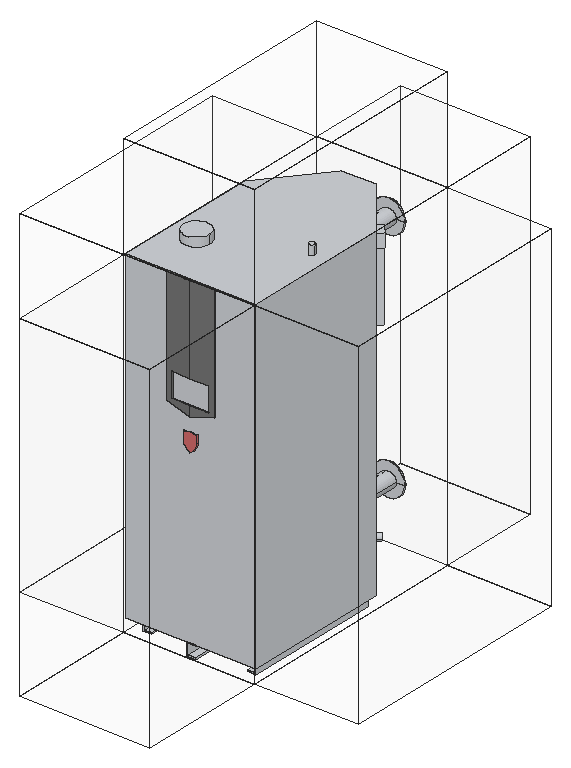
Revit family "Crest Boiler-Hellcat FCB1000-6000", category Mechanical Equipment, Revit 2017
Family settings
  Round Connector Dimension = Use Radius
  Part Type = Normal
  OmniClass Number = 23.65.35.11.17
  OmniClass Title = Thermodynamic Water Heaters
  Work Plane-Based = No
  Always vertical = Yes
  Cut with Voids When Loaded = No
  Shared = No
  Room Calculation Point = No
Parameters (values of type "FCB1000")
  WATER CONN SIZE = Water Conn Radius * 2  # 3"
  G_Boiler Drain Height = 11 3/8"
  F_Water Inlet Height = 11 7/8"
  E_Water Outlet Height = 66 1/8"
  Water Conn Radius = 1 1/2"
  VENT SIZE = Vent Radius * 2  # 6"
  SES BIM Studio # = "21 0649 01"
  GAS CONN SIZE = Gas Conn Radius * 2  # 1 1/4"
  N_Air Inlet Offset = 6 1/2"
  Vent Radius = 3"
  R_ Vent Offset = 6 1/2"
  Top Clearance = 24"
  Right Clearance = 24"
  Left Clearance = 24"
  Front Clearance = 30"
  Curve Position = 6"
  Clearance Visibility [instance] = yes
  C_Depth to Condensate End = 56"
  Back of Unit to CL of Vent = 1"
  B_WIDTH = 30"
  Voltage/Heater = "120V/1PH/60Hz"
  Voltage/Control = "24"
  URL = "http://www.lochinvar.com/products/default.aspx?type=productline&lineid=177"
  Total Amps (FLA) = "6.0"
  Model = MODEL NO.  # "FCB1000"
  Manufacturer = "Lochinvar"
  MODEL NO. = "FCB1000"
  A_HEIGHT = 78"
  Gas Conn Radius = 5/8"
  O_Width to Gas = 26"
  L_Depth to Vent = 51 3/4"
  P_Gas Conn Offset = 21 1/2"
  GALLON CAPACITY = "77"
  K_DEPTH = 55 1/2"
  D_Water Outlet Offset = 57 1/2"
  INPUT RATE (BTUH) = "999,000"
  FUEL TYPE = "NATURAL GAS"
  Description = "CREST Condensing Boiler with Hellcat Combustion Technology"
  Fuel Type = "Natural"
  M_Air Inlet Offset = 12 3/4"
  Air Inlet Radius = 3"
  Back Clearance = 24"
  AIR INLET SIZE = Air Inlet Radius * 2  # 6"
  # of Electrical Connections = "1"
Types (9): name | WATER CONN SIZE | G_Boiler Drain Height | F_Water Inlet Height | E_Water Outlet Height | Water Conn Radius | VENT SIZE | GAS CONN SIZE | N_Air Inlet Offset | Vent Radius | R_ Vent Offset | Curve Position | C_Depth to Condensate End | Back of Unit to CL of Vent | B_WIDTH | Voltage/Heater | Total Amps (FLA) | Model | MODEL NO. | A_HEIGHT | Gas Conn Radius | O_Width to Gas | L_Depth to Vent | P_Gas Conn Offset | GALLON CAPACITY | K_DEPTH | D_Water Outlet Offset | INPUT RATE (BTUH) | M_Air Inlet Offset | Air Inlet Radius | AIR INLET SIZE
  (no name) | 3" | 11 3/8" | 11 7/8" | 66 1/8" | 1 1/2" | 6" | 1 1/4" | 6 1/2" | 3" | 6 1/2" | 6" | 56" | 1" | 30" | "120V/1PH/60Hz" | "6.0" | "FCB1000" | "FCB1000" | 78" | 5/8" | 26" | 51 3/4" | 21 1/2" | "77" | 55 1/2" | 57 1/2" | "999,000" | 12 3/4" | 3" | 6"
  FCB1000 | 3" | 11 3/8" | 11 7/8" | 66 1/8" | 1 1/2" | 6" | 1 1/4" | 6 1/2" | 3" | 6 1/2" | 6" | 56" | 1" | 30" | "120V/1PH/60Hz" | "6.0" | "FCB1000" | "FCB1000" | 78" | 5/8" | 26" | 51 3/4" | 21 1/2" | "77" | 55 1/2" | 57 1/2" | "999,000" | 12 3/4" | 3" | 6"
  FCB1500 | 4" | 11 3/8" | 12 3/8" | 65 3/8" | 2" | 8" | 1 1/2" | 7 1/2" | 4" | 5 1/8" | 6" | 63 3/4" | 1" | 30" | "120V/1PH/60Hz" | "10.0" | "FCB1500" | "FCB1500" | 78" | 3/4" | 25 3/4" | 58 1/4" | 23 1/4" | "94" | 63 1/4" | 64" | "1,500,000" | 13 1/4" | 4" | 8"
  FCB2000 | 4" | 11 3/8" | 12 3/8" | 65 3/8" | 2" | 8" | 1 1/2" | 7 1/2" | 4" | 5 1/8" | 6" | 62 1/2" | 1" | 30" | "120V/1PH/60Hz" | "13.0" | "FCB2000" | "FCB2000" | 78" | 3/4" | 26" | 57 1/4" | 21 1/2" | "111" | 62 1/4" | 64 1/4" | "1,999,000" | 12" | 4" | 8"
  FCB2500 | 4" | 11 1/4" | 13 1/2" | 63 3/4" | 2" | 9" | 2" | 9 1/4" | 4 1/2" | 7 1/4" | 7 1/4" | 79 1/4" | 1" | 35" | "208V/3PH/60Hz" | "4.5" | "FCB2500" | "FCB2500" | 77 3/4" | 1" | 30 1/4" | 71 3/4" | 28" | "157" | 79" | 79 1/4" | "2,500,000" | 17 1/4" | 4" | 8"
  FCB3000 | 4" | 11 1/4" | 13 1/2" | 63 3/4" | 2" | 10" | 2" | 9 1/4" | 5" | 7 1/4" | 7 1/4" | 79 1/4" | 2" | 35" | "208V/3PH/60Hz" | "6.5" | "FCB3000" | "FCB3000" | 77 3/4" | 1" | 30 1/4" | 71 3/4" | 28" | "156" | 79" | 79 1/4" | "3,000,000" | 17 1/4" | 5" | 10"
  FCB4000 | 4" | 11 1/2" | 13 3/4" | 63 1/2" | 2" | 12" | 2 1/2" | 11 1/4" | 6" | 10 1/2" | 9 5/16" | 95 1/4" | 3" | 43 1/4" | "480V/3PH/60Hz" | "6.0" | "FCB4000" | "FCB4000" | 78" | 1 1/4" | 36 1/2" | 85 3/4" | 35" | "201" | 94 3/4" | 90 3/4" | "3,999,000" | 19" | 6" | 12"
  FCB5000 | 6" | 11 1/2" | 15" | 63 1/2" | 3" | 14" | 2 1/2" | 13" | 7" | 9" | 10 1/8" | 96 1/2" | 3" | 46 1/2" | "480V/3PH/60Hz" | "5.0" | "FCB5000" | "FCB5000" | 78" | 1 1/4" | 39 3/4" | 87" | 34" | "254" | 96 1/4" | 94" | "4,999,000" | 18 3/4" | 7" | 14"
  FCB6000 | 6" | 11 1/2" | 14 3/4" | 63 1/4" | 3" | 14" | 3" | 14 3/4" | 7" | 9 1/4" | 11" | 102 3/4" | 1" | 50" | "480V/3PH/60Hz" | "7.0" | "FCB6000" | "FCB6000" | 78" | 1 1/2" | 43 1/4" | 87 1/2" | 29 3/4" | "304" | 96 1/2" | 99 3/4" | "6,000,000" | 16 1/2" | 7" | 14"
Reference planes (in)
  plane 1 "Center (Front/Back)": y = 11.125
  plane 2: z = 0
  plane 3 "Center (Left/Right)": x = -1.39218
  plane 4 "Back": y = 38.875
  plane 5 "Front": y = -16.625
  plane 6 "Top": z = 78
  plane 7 "Right": x = 13.60782
  plane 8 "Left": x = -16.39218
  plane 9 "Top of Supports": z = 3
  plane 10 "Offset from Back to Boiler Back": y = 31.875
  plane 11 "Water Outlet Height": z = 66.125
  plane 12 "Water Inlet Height": z = 11.875
  plane 13 "Offset from Left to Air Inlet": x = -9.89218
  plane 14 "Offset from Front to Air": y = -3.875
  plane 15 "Offset from Left to Gas 1": x = 9.60782
  plane 16 "Offset from Front to Gas 1": y = 4.875
  plane 17 "Right Clearance": x = 37.60782
  plane 18 "Left Clearance": x = -40.39218
  plane 19: z = 102
  plane 20 "Front Clearance": y = -46.625
  plane 21 "Back Clearance": y = 62.875
  plane 22 "Drain": z = 11.375
  plane 23 "Unit Flat Front": y = -16.125
  plane 24 "Water Conn": y = 40.875
  plane 25 "Front of Supports": y = -13.625
  plane 26: x = -14.39218
  plane 27: x = 11.60782
  plane 28 "Front Angle": y = 18.375
  plane 29 "Back Angle 1": x = -5.39218
  plane 30 "Back Angle 2": x = 2.60782
  plane 31 "Vent C.L.": x = -9.89218
  plane 32 "Vent CL": y = 35.125
  plane 33 "Curve End": x = -4.39218
  plane 34 "Curve Ends": y = 32.875
  plane 35: y = -16.375
  plane 36 "Condensate End": y = 39.375
Forms (in)
  Extrusion 1, solid
    sketch origin (-38.1296, -180, 3) x (-1, 0, 0) y (0, -1, 0)
      loop
        line (-21.73742, -163.875) -> (-51.73742, -163.875) -> (-51.73742, -198.375) -> (-40.73742, -211.875) -> (-32.73742, -211.875) -> (-21.73742, -198.375) -> (-21.73742, -163.875)
    from 75 to 0
  Extrusion 2, solid
    sketch origin (-38.1296, -196.80397, 3) x (-1, 0, 0) y (0, -1, 0)
      loop
        line (-21.73742, -215.17897) -> (-32.73742, -228.67897) -> (-33.73742, -228.67897) -> (-33.73742, -229.67897)
        arc (-33.73742, -229.67897) -> (-27.73742, -235.67897) -> (-21.73742, -229.67897) r 6
        line (-21.73742, -229.67897) -> (-21.73742, -215.17897)
    from 0 to 4
  Extrusion 3, solid
    sketch origin (-38.1296, -196.80397, 7) x (-1, 0, 0) y (0, -1, 0)
      loop
        circle (-28.23742, -231.92897) r 3
    from 0 to 2
  Extrusion 4, solid
    sketch origin (1.25, 35.125, 0) x (1, 0, 0) y (0, 0, 1)
      loop
        circle (-11.14218, 3.53632) r 0.5
      loop
        circle (-11.14218, 6.32419) r 0.25
    from 0 to -4.25
  Extrusion 5, solid
    sketch origin (0, 0, 78) x (-1, 0, 0) y (0, -1, 0)
      loop
        circle (9.89218, 3.875) r 3
    from 0 to 2
  Extrusion 6, solid
    sketch origin (0, 0, 78) x (-1, 0, 0) y (0, -1, 0)
      loop
        circle (-9.60782, -4.875) r 0.625
    from 0 to 2
  Extrusion 7, solid, material "Clearance", visible <- "Clearance Visibility"
    sketch origin (0, 0, 78) x (-1, 0, 0) y (0, -1, 0)
      loop
        line (16.39218, 16.625) -> (16.39218, -38.875) -> (40.39218, -38.875) -> (40.39218, 16.625) -> (16.39218, 16.625)
    from 0 to -78
  Extrusion 8, solid, material "Clearance", visible <- "Clearance Visibility"
    sketch origin (0, 0, 78) x (-1, 0, 0) y (0, -1, 0)
      loop
        line (-13.60782, 16.625) -> (-37.60782, 16.625) -> (-37.60782, -38.875) -> (-13.60782, -38.875) -> (-13.60782, 16.625)
    from 0 to -78
  Extrusion 9, solid, material "Clearance", visible <- "Clearance Visibility"
    sketch origin (0, 0, 78) x (-1, 0, 0) y (0, -1, 0)
      loop
        line (16.39218, -38.875) -> (-13.60782, -38.875) -> (-13.60782, -62.875) -> (16.39218, -62.875) -> (16.39218, -38.875)
    from 0 to -78
  Extrusion 10, solid, material "Clearance", visible <- "Clearance Visibility"
    sketch origin (0, 0, 78) x (-1, 0, 0) y (0, -1, 0)
      loop
        line (16.39218, -38.875) -> (16.39218, 16.625) -> (-13.60782, 16.625) -> (-13.60782, -38.875) -> (16.39218, -38.875)
    from 0 to 24
  Extrusion 11, solid, material "Clearance", visible <- "Clearance Visibility"
    sketch origin (0, 0, 78) x (-1, 0, 0) y (0, -1, 0)
      loop
        line (16.39218, 16.625) -> (16.39218, 46.625) -> (-13.60782, 46.625) -> (-13.60782, 16.625) -> (16.39218, 16.625)
    from 0 to -78
  Revolve 12, solid
    sketch origin (26.40384, 0, 66.125) x (1, 0, 0) y (0, 1, 0)
      loop
        line (-29.29602, 31.875) -> (-29.29602, 40.875) -> (-31.54602, 40.875) -> (-31.54602, 40.625) -> (-29.54602, 40.625) -> (-29.54602, 31.875) -> (-29.29602, 31.875)
      axis (-27.79602, 31.875) -> (-27.79602, 40.875)
    angle from 0 to 360
  Revolve 13, solid
    sketch origin (54.08128, 0, 11.875) x (1, 0, 0) y (0, 1, 0)
      loop
        line (-56.97346, 31.875) -> (-56.97346, 40.875) -> (-59.22346, 40.875) -> (-59.22346, 40.625) -> (-57.22346, 40.625) -> (-57.22346, 31.875) -> (-56.97346, 31.875)
      axis (-55.47346, 31.875) -> (-55.47346, 40.875)
    angle from 0 to 360
  Extrusion 14, solid
    sketch origin (0.125, -13.125, 0) x (1, 0, 0) y (0, 0, 1)
      loop
        line (11.48282, 3) -> (9.48282, 3) -> (9.48282, 2.75) -> (11.23282, 2.75) -> (11.23282, 0.25) -> (9.48282, 0.25) -> (9.48282, 0) -> (11.48282, 0) -> (11.48282, 3)
    from 0.5 to -31.5
  Extrusion 15, solid
    sketch origin (-2.90936, -13.125, 0) x (-1, 0, 0) y (0, 0, -1)
      loop
        line (11.48282, -3) -> (11.48282, 0) -> (9.48282, 0) -> (9.48282, -0.25) -> (11.23282, -0.25) -> (11.23282, -2.75) -> (9.48282, -2.75) -> (9.48282, -3) -> (11.48282, -3)
    from 0.5 to -31.5
  Extrusion 16, solid
    sketch origin (11.21564, -13.125, 0) x (-1, 0, 0) y (0, 0, -1)
      loop
        line (13.60782, -3) -> (13.60782, 0) -> (11.60782, 0) -> (11.60782, -0.25) -> (13.35782, -0.25) -> (13.35782, -2.75) -> (11.60782, -2.75) -> (11.60782, -3) -> (13.60782, -3)
    from 3 to -45
  Extrusion 17, solid
    sketch origin (3.31845, 31.00286, 3) x (0.631673, -0.775235, 0) y (0, 0, -1)
      loop
        line (13.39851, -73) -> (13.39851, -70) -> (10.39851, -70) -> (10.39851, -73) -> (13.39851, -73)
      loop
        line (7.39851, -66.75) -> (7.39851, -50.75) -> (1.39851, -50.75) -> (1.39851, -66.75) -> (7.39851, -66.75)
    from 0 to 1.5
  Extrusion 18, solid
    sketch origin (2.60782, 31.875, 3) x (0.631673, -0.775235, 0) y (0, 0, -1)
      loop
        circle (10.89888, -8.375) r 0.75
    from 0 to 1
  Extrusion 19, solid, material "Default Dark"
    sketch origin (-16.39218, -16.125, 3) x (1, 0, 0) y (0, 0, 1)
      loop
        line (9.5, 75) -> (9.5, 48.3713) -> (15, 47) -> (20.5, 48.3713) -> (20.5, 75) -> (9.5, 75)
      loop
        line (10.75, 54.66537) -> (10.75, 49.16537) -> (19.25, 49.16537) -> (19.25, 54.66537) -> (10.75, 54.66537)
    from 0 to 0.5
  Extrusion 20, solid, material "Default Red"
    sketch origin (-16.39218, -16.125, 3) x (1, 0, 0) y (0, 0, 1)
      loop
        line (13.41807, 43.42533) -> (13.41807, 41.81237)
        arc (13.41807, 41.81237) -> (13.87471, 40.39478) -> (15, 39.41919) r 2.7673
        arc (15, 39.41919) -> (16.13761, 40.41359) -> (16.58333, 41.8573) r 2.7673
        line (16.58333, 41.8573) -> (16.58333, 43.42557) -> (15, 43.625) -> (13.41807, 43.42533)
    from 0 to 0.25
  Extrusion 21, void
    sketch origin (0, 0, 78) x (-1, 0, 0) y (0, -1, 0)
      loop
        line (6.89218, 16.25) -> (6.89218, 16.625) -> (1.39218, 16.625) -> (6.89218, 16.25)
    from 0 to -28
  Extrusion 22, void
    sketch origin (0, 0, 78) x (-1, 0, 0) y (0, -1, 0)
      loop
        line (1.39218, 16.625) -> (-4.10782, 16.625) -> (-4.10782, 16.25) -> (1.39218, 16.625)
    from 0 to -28
Cuts and joins
  joined: Extrusion 1, Revolve 12, Revolve 13
  joined: Extrusion 2, Extrusion 4
  Extrusion 21, Extrusion 22 cuts Extrusion 19
Dimensions and locks (in)
  "A_HEIGHT": plane 6 "Top" to level
  equal spacing: plane 8 "Left", plane 3 "Center (Left/Right)", plane 7 "Right"
  "B_WIDTH": plane 8 "Left" to plane 7 "Right"
  equal spacing: plane 5 "Front", plane 1 "Center (Front/Back)", plane 4 "Back"
  equal spacing: Extrusion 1 sketch curve, plane 3 "Center (Left/Right)", Extrusion 1 sketch curve
  Extrusion 1 sketch curve to Extrusion 1 sketch curve = 8"
  locked: Extrusion 3 to Extrusion 2 at 2
  "E_Water Outlet Height": level to plane 11 "Water Outlet Height"
  "F_Water Inlet Height": level to plane 12 "Water Inlet Height"
  "N_Air Inlet Offset": plane 8 "Left" to plane 13 "Offset from Left to Air Inlet"
  "O_Width to Gas": plane 8 "Left" to plane 15 "Offset from Left to Gas 1"
  "P_Gas Conn Offset": plane 5 "Front" to plane 16 "Offset from Front to Gas 1"
  "M_Air Inlet Offset": plane 5 "Front" to plane 14 "Offset from Front to Air"
  "Top Clearance": plane 6 "Top" to plane 19
  "Front Clearance": plane 20 "Front Clearance" to plane 5 "Front"
  "Left Clearance": plane 18 "Left Clearance" to plane 8 "Left"
  "Right Clearance": plane 7 "Right" to plane 17 "Right Clearance"
  "K_DEPTH": plane 5 "Front" to plane 4 "Back"
  "Back Clearance": plane 4 "Back" to plane 21 "Back Clearance"
  locked: Revolve 12 sketch curve to Revolve 12 sketch curve at 0.25  (x2)
  "Water Conn Radius": Revolve 12 sketch curve to Revolve 12 sketch curve
  locked: Revolve 12 sketch curve to Revolve 12 sketch curve at 2
  locked: Revolve 13 sketch curve to Revolve 13 sketch curve at 0.25  (x2)
  "Water Conn Radius": Revolve 13 sketch curve to Revolve 13 sketch curve
  locked: Revolve 13 sketch curve to Revolve 13 sketch curve at 2
  locked: plane 5 "Front" to plane 23 "Unit Flat Front" at 0.5
  "D_Water Outlet Offset": plane 5 "Front" to plane 24 "Water Conn"
  locked: plane 5 "Front" to plane 25 "Front of Supports" at 3
  locked: plane 8 "Left" to plane 26 at 2
  locked: plane 27 to plane 7 "Right" at 2
  locked: Extrusion 14 to plane 27 at 2  (x2)
  locked: plane 26 to Extrusion 15 at 2  (x2)
  "G_Boiler Drain Height": plane 2 to plane 22 "Drain"
  "R_ Vent Offset": plane 8 "Left" to plane 31 "Vent C.L."
  "L_Depth to Vent": plane 5 "Front" to plane 32 "Vent CL"
  locked: Extrusion 17 sketch curve to Extrusion 17 sketch curve at 3  (x2)
  locked: Extrusion 17 sketch curve to Extrusion 17 sketch curve at 6
  "Curve Position": plane 34 "Curve Ends" to plane 4 "Back"
  locked: plane 28 "Front Angle" to plane 10 "Offset from Back to Boiler Back" at 13.5
  "Back of Unit to CL of Vent": plane 34 "Curve Ends" to plane 10 "Offset from Back to Boiler Back"
  locked: plane 5 "Front" to plane 35 at 0.25
  locked: plane 3 "Center (Left/Right)" to Extrusion 19 sketch curve at 5.5  (x2)
  locked: plane 3 "Center (Left/Right)" to Extrusion 19 sketch curve at 4.25  (x2)
  locked: Extrusion 20 sketch curve to plane 3 "Center (Left/Right)" at 1.58333
  locked: Extrusion 20 sketch curve to plane 3 "Center (Left/Right)" at 1.58193
  "C_Depth to Condensate End": plane 5 "Front" to plane 36 "Condensate End"
  "Vent Radius": radius of Extrusion 3 sketch curve
  "Air Inlet Radius": radius of Extrusion 5 sketch curve
  "Gas Conn Radius": radius of Extrusion 6 sketch curve
  aligned and locked: Extrusion 1 sketch curve to plane 10 "Offset from Back to Boiler Back"
  aligned and locked: plane 6 "Top" to Extrusion 1
  aligned and locked: Extrusion 6 to Extrusion 5
  aligned and locked: Extrusion 7 sketch curve to Extrusion 1
  aligned and locked: Extrusion 8 sketch curve to Extrusion 1
  aligned and locked: Extrusion 9 sketch curve to Extrusion 7  (x2)
  aligned and locked: Extrusion 9 sketch curve to plane 7 "Right"
  aligned and locked: Extrusion 10 sketch curve to Extrusion 9
  aligned and locked: Extrusion 10 sketch curve to Extrusion 7
  aligned and locked: Extrusion 10 sketch curve to Extrusion 8
  aligned and locked: Extrusion 11 sketch curve to Extrusion 7
  aligned and locked: plane 7 "Right" to Extrusion 11 sketch curve
  aligned and locked: plane 13 "Offset from Left to Air Inlet" to Extrusion 5 sketch curve
  aligned and locked: plane 14 "Offset from Front to Air" to Extrusion 5 sketch curve
  aligned and locked: plane 16 "Offset from Front to Gas 1" to Extrusion 6 sketch curve
  aligned and locked: plane 15 "Offset from Left to Gas 1" to Extrusion 6 sketch curve
  aligned and locked: Extrusion 11 to plane 20 "Front Clearance"
  aligned and locked: plane 18 "Left Clearance" to Extrusion 7
  aligned and locked: Extrusion 8 to plane 17 "Right Clearance"
  aligned and locked: plane 21 "Back Clearance" to Extrusion 9
  aligned and locked: Extrusion 11 to plane 5 "Front"
  aligned and locked: plane 24 "Water Conn" to Revolve 12 sketch curve
  aligned and locked: Extrusion 1 to plane 9 "Top of Supports"
  aligned and locked: Extrusion 2 to Extrusion 16
  aligned and locked: plane 25 "Front of Supports" to Extrusion 14
  aligned and locked: plane 25 "Front of Supports" to Extrusion 15
  aligned and locked: plane 26 to Extrusion 15
  aligned and locked: Extrusion 14 to plane 27
  aligned and locked: plane 10 "Offset from Back to Boiler Back" to Revolve 12 sketch curve
  aligned and locked: plane 10 "Offset from Back to Boiler Back" to Revolve 13 sketch curve
  aligned and locked: Extrusion 15 to plane 28 "Front Angle"
  aligned and locked: Extrusion 14 to plane 28 "Front Angle"
  aligned and locked: plane 31 "Vent C.L." to Extrusion 3 sketch curve
  aligned and locked: plane 32 "Vent CL" to Extrusion 3 sketch curve
  aligned and locked: cut or joined group of Extrusion 1, Revolve 12, Revolve 13 to Extrusion 2 sketch curve
  aligned and locked: plane 22 "Drain" to Extrusion 18 sketch curve
  aligned and locked: plane 34 "Curve Ends" to Extrusion 2 sketch curve
  aligned and locked: plane 28 "Front Angle" to Extrusion 1 sketch curve  (x2)
  aligned and locked: plane 10 "Offset from Back to Boiler Back" to Extrusion 16
  aligned and locked: plane 3 "Center (Left/Right)" to Revolve 12 sketch curve
  aligned and locked: plane 3 "Center (Left/Right)" to Revolve 13 sketch curve
  aligned and locked: Extrusion 11 to level
  aligned and locked: Extrusion 9 to level
  aligned and locked: Extrusion 8 to level
  aligned and locked: Extrusion 7 to level
  aligned and locked: plane 23 "Unit Flat Front" to Extrusion 1 sketch curve
  aligned and locked: cut or joined group of Extrusion 1, Revolve 12, Revolve 13 to Extrusion 16
  aligned and locked: plane 31 "Vent C.L." to Extrusion 4 sketch curve  (x2)
  aligned and locked: plane 5 "Front" to Extrusion 19
  aligned and locked: plane 35 to Extrusion 20
  aligned and locked: plane 24 "Water Conn" to Revolve 13 sketch curve
  aligned and locked: Extrusion 4 to plane 36 "Condensate End"
Automatic sketch dimensions
  plane 4 "Back" to Extrusion 7 sketch curve = 0"
  Extrusion 7 sketch curve to plane 18 "Left Clearance" = 0"
  Extrusion 8 sketch curve to plane 17 "Right Clearance" = 0"
  plane 4 "Back" to Extrusion 8 sketch curve = 0"
  Extrusion 9 sketch curve to plane 21 "Back Clearance" = 0"
  Extrusion 11 sketch curve to plane 20 "Front Clearance" = 0"
  Extrusion 14 sketch curve to level = 0"
  Extrusion 14 sketch curve to plane 9 "Top of Supports" = 0"
  Extrusion 14 sketch curve to Extrusion 14 sketch curve = 1 3/4"  (x2)
  Extrusion 14 sketch curve to Extrusion 14 sketch curve = 1/4"  (x2)
  level to Extrusion 14 sketch curve = 1/4"
  Extrusion 16 sketch curve to level = 0"
  Extrusion 16 sketch curve to plane 3 "Center (Left/Right)" = 1"  (x2)
  plane 9 "Top of Supports" to Extrusion 16 sketch curve = 0"
  plane 3 "Center (Left/Right)" to Extrusion 16 sketch curve = 3/4"
  Extrusion 16 sketch curve to Extrusion 16 sketch curve = 1/4"  (x2)
  Extrusion 16 sketch curve to level = 1/4"
  plane 27 to Extrusion 14 sketch curve = 0"
  Extrusion 15 sketch curve to level = 0"
  Extrusion 15 sketch curve to plane 9 "Top of Supports" = 0"
  plane 26 to Extrusion 15 sketch curve = 0"
  plane 26 to Extrusion 15 sketch curve = 1/4"
  Extrusion 15 sketch curve to Extrusion 15 sketch curve = 1 3/4"  (x2)
  plane 9 "Top of Supports" to Extrusion 15 sketch curve = 1/4"
  Extrusion 15 sketch curve to Extrusion 15 sketch curve = 1/4"
  Extrusion 2 sketch curve to plane 10 "Offset from Back to Boiler Back" = 0"
  Extrusion 2 sketch curve to plane 8 "Left" = 0"
  Extrusion 2 sketch curve to plane 33 "Curve End" = 0"
  plane 9 "Top of Supports" to Extrusion 4 sketch curve = 0.53632"
  Extrusion 4 sketch curve to Extrusion 4 sketch curve = 2.78787"
  Extrusion 1 to Extrusion 17 sketch curve = 8 1/4"
  Extrusion 1 to Extrusion 17 sketch curve = 2"
  Extrusion 1 to Extrusion 17 sketch curve = 2.89057"
  Extrusion 1 to Extrusion 17 sketch curve = 5"
  Extrusion 17 sketch curve to Extrusion 17 sketch curve = 19 1/4"
  Extrusion 1 to Extrusion 18 sketch curve = 6.51519"
  Extrusion 1 sketch curve to plane 7 "Right" = 0"
  Extrusion 1 sketch curve to plane 8 "Left" = 0"
  plane 5 "Front" to Extrusion 7 sketch curve = 0"
  plane 5 "Front" to Extrusion 8 sketch curve = 0"
  plane 5 "Front" to Extrusion 10 sketch curve = 0"
  plane 5 "Front" to Extrusion 11 sketch curve = 0"
  Extrusion 20 sketch curve to Extrusion 20 sketch curve = 1.18325"
  Extrusion 20 sketch curve to Extrusion 20 sketch curve = 0.40008"
  Extrusion 20 sketch curve to Extrusion 20 sketch curve = 0.06347"
  Extrusion 20 sketch curve to Extrusion 20 sketch curve = 1.50457"
  Extrusion 20 sketch curve to Extrusion 20 sketch curve = 0.19967"
  Extrusion 1 to Extrusion 20 sketch curve = 33.18763"
  Extrusion 20 sketch curve to Extrusion 20 sketch curve = 0.39869"
  Extrusion 20 sketch curve to Extrusion 20 sketch curve = 0.1084"
  Extrusion 20 sketch curve to Extrusion 20 sketch curve = 1.5048"
  Extrusion 20 sketch curve to Extrusion 20 sketch curve = 1.58193"
  Extrusion 19 sketch curve to Extrusion 1 = 0"
  Extrusion 19 sketch curve to Extrusion 19 sketch curve = 4 1/4"
  Extrusion 1 to Extrusion 19 sketch curve = 20.33463"
  Extrusion 19 sketch curve to Extrusion 19 sketch curve = 5 1/2"
  Extrusion 19 sketch curve to Extrusion 19 sketch curve = 0.79406"  (x2)
  Extrusion 19 sketch curve to Extrusion 19 sketch curve = 2.16537"
  Extrusion 21 sketch curve to plane 3 "Center (Left/Right)" = 0"
  plane 5 "Front" to Extrusion 21 sketch curve = 0"
  plane 29 "Back Angle 1" to Extrusion 21 sketch curve = 1 1/2"
  plane 23 "Unit Flat Front" to Extrusion 21 sketch curve = 1/8"
  plane 5 "Front" to Extrusion 22 sketch curve = 0"
  Extrusion 22 sketch curve to plane 3 "Center (Left/Right)" = 0"
  Extrusion 22 sketch curve to plane 30 "Back Angle 2" = 1 1/2"
  plane 23 "Unit Flat Front" to Extrusion 22 sketch curve = 1/8"
  Revolve 12 sketch curve to plane 24 "Water Conn" = 0.20888"
  Revolve 12 sketch curve to Revolve 12 sketch curve = 0.6131"
  Revolve 13 sketch curve to plane 24 "Water Conn" = 0.20888"
  Revolve 13 sketch curve to Revolve 13 sketch curve = 0.6131"
  radius of Extrusion 4 sketch curve = 1/2"
  radius of Extrusion 4 sketch curve = 1/4"
  radius of Extrusion 18 sketch curve = 3/4"
Connectors (in)
  hvac at (-9.89218, -3.875, 80), driven by "Air Inlet Radius"
    settings: on Extrusion 5, index 1, duct flow 0 CFM, flow factor 0, pres drop 0.00 in-wg, loss coef 0, conn angle 0.00°, conn width 12", conn height 12", conn diameter 6", duct sys type 1, conn prof type 0, flow config 0, flow direction 1, loss method 0, conn ref index -1, conn util no, is conn primary yes, conn desc "Air Inlet"
  hvac at (-9.89218, 35.125, 9), driven by "Vent Radius"
    settings: on Extrusion 3, index 2, duct flow 0 CFM, flow factor 0, pres drop 0.00 in-wg, loss coef 0, conn angle 0.00°, conn width 12", conn height 12", conn diameter 6", duct sys type 3, conn prof type 0, flow config 0, flow direction 2, loss method 0, conn ref index -1, conn util no, is conn primary no, conn desc "Flue"
  piping at (9.60782, 4.875, 80), diameter 1.25, driven by "Gas Conn Radius"
    settings: on Extrusion 6, index 5, connector inside diameter 1 1/2", connector length 0", flow factor 0, pipe flow 0 GPM, pressure drop 0.00 psi, fitting loss kfactor 0, connector angle 0.00°, fixture units 0, engagement length 0", angle of deflection 0.00°, flow configuration 1, flow direction 1, fitting loss method 0, system type 22, joint type 0, gender type 0, connector reference index -1, connector utility 0, adjustable connector no, is connector primary yes, connector description "Gas Conn"
  piping at (-1.39218, 40.875, 66.125), diameter 3, driven by "Water Conn Radius"
    settings: on Revolve 12, index 10, connector inside diameter 4", connector length 0", flow factor 0, pipe flow 0 GPM, pressure drop 0.00 psi, fitting loss kfactor 0, connector angle 0.00°, fixture units 0, engagement length 0", angle of deflection 0.00°, flow configuration 0, flow direction 2, fitting loss method 0, system type 7, joint type 0, gender type 0, connector reference index -1, connector utility 0, adjustable connector no, is connector primary no, connector description "Water Outlet"
  piping at (-1.39218, 40.875, 11.875), diameter 3, driven by "Water Conn Radius"
    settings: on Revolve 13, index 11, connector inside diameter 4", connector length 0", flow factor 0, pipe flow 0 GPM, pressure drop 0.00 psi, fitting loss kfactor 0, connector angle 0.00°, fixture units 0, engagement length 0", angle of deflection 0.00°, flow configuration 0, flow direction 1, fitting loss method 0, system type 8, joint type 0, gender type 0, connector reference index -1, connector utility 0, adjustable connector no, is connector primary no, connector description "Water Inlet"
  piping at (-9.89218, 39.375, 3.53632), diameter 1
    settings: on cut or joined group of Extrusion 2, Extrusion 4, index 12, connector inside diameter 24", connector length 0", flow factor 0, pipe flow 0 GPM, pressure drop 0.00 psi, fitting loss kfactor 0, connector angle 0.00°, fixture units 0, engagement length 0", angle of deflection 0.00°, flow configuration 3, flow direction 2, fitting loss method 0, system type 16, joint type 0, gender type 0, connector reference index -1, connector utility 0, adjustable connector no, is connector primary no, connector description "Condensate Drain"
  piping at (10.26758, 24.05748, 11.375), diameter 1.5
    settings: on Extrusion 18, index 13, connector inside diameter 24", connector length 0", flow factor 0, pipe flow 0 GPM, pressure drop 0.00 psi, fitting loss kfactor 0, connector angle 0.00°, fixture units 0, engagement length 0", angle of deflection 0.00°, flow configuration 0, flow direction 2, fitting loss method 0, system type 16, joint type 0, gender type 0, connector reference index -1, connector utility 0, adjustable connector no, is connector primary no, connector description "Boiler Drain"
  electrical at (11.99727, 22.72623, 74.5)
    settings: on Extrusion 17, index 14, voltage 0 V, apparent load 0 VA, apparent load phase1 0 VA, apparent load phase2 0 VA, apparent load phase3 0 VA, power factor 1, load classification "Other", number of poles 1, system type 31, power factor state 1, is connector primary yes, connector utility no, sub classification motor no, connector description "Line Voltage"
  electrical at (7.25972, 28.54049, 61.75)
    settings: on Extrusion 17, index 15, voltage 0 V, apparent load 0 VA, apparent load phase1 0 VA, apparent load phase2 0 VA, apparent load phase3 0 VA, power factor 1, load classification "Other", number of poles 1, system type 13, power factor state 1, is connector primary no, connector utility no, sub classification motor no, connector description "Low Voltage"
